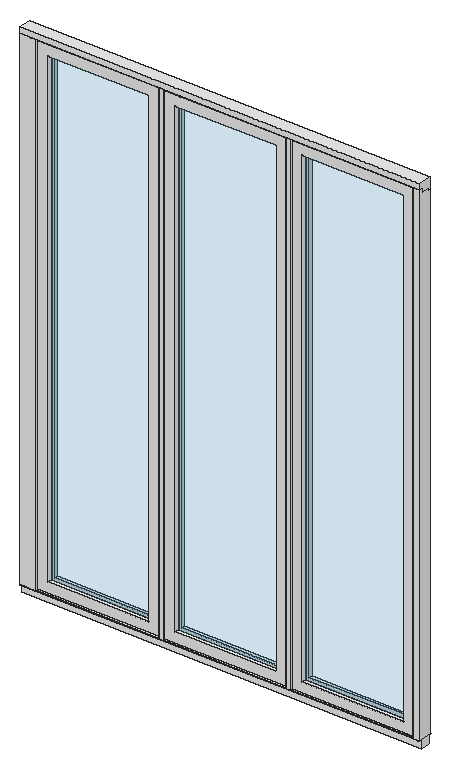
Revit family "98133", category Windows, host Wall, Revit 2018 (continued)
Definition of nested family "Left-Jamb_SL-73"
  Definition of nested family "LeftJamb_SL73"
    Lines and regions (in)
      model lines, in view "Ref. Level"
        curve 775: line (-0.98031, 1.17692, 0) -> (-0.98031, 0.67692, 0)
        curve 776: line (-0.98031, 0.67692, 0) -> (-0.84646, 0.67692, 0)
        curve 777: line (-0.84646, 0.67692, 0) -> (-0.84646, 0.74778, 0)
        curve 778: line (-0.09072, 0.96038, 0) -> (-0.40551, 0.96038, 0)
        curve 779: line (-0.46457, 0.90133, 0) -> (-0.46457, 0.82259, 0)
        curve 780: line (-0.41732, 0.81471, 0) -> (-0.37795, 0.81471, 0)
        curve 781: line (-0.37795, 0.81471, 0) -> (-0.37795, 0.77534, 0)
        curve 782: line (-0.37795, 0.77534, 0) -> (-0.41732, 0.77534, 0)
        curve 783: line (-0.41732, 0.77534, 0) -> (-0.37795, 0.77534, 0)
        curve 784: line (-0.37795, 0.77534, 0) -> (-0.37795, 0.81471, 0)
        curve 785: line (-0.37795, 0.81471, 0) -> (-0.41732, 0.81471, 0)
        curve 786: line (-0.41732, 0.81471, 0) -> (-0.41732, 0.89345, 0)
        curve 787: line (-0.41732, 0.89345, 0) -> (-0.05906, 0.89345, 0)
        curve 788: line (-0.05906, 0.89345, 0) -> (-0.05906, 0.81471, 0)
        curve 789: line (-0.05906, 0.81471, 0) -> (-0.09843, 0.81471, 0)
        curve 790: line (-0.09843, 0.81471, 0) -> (-0.09843, 0.77534, 0)
        curve 791: line (-0.09843, 0.77534, 0) -> (0, 0.77534, 0)
        curve 792: line (0, 0.77534, 0) -> (0, 0.97219, 0)
        curve 793: line (-0.27559, 1.24778, 0) -> (-1.7126, 1.24778, 0)
        curve 794: line (-1.66346, 1.0512, 0) -> (-1.7126, 1.06437, 0)
        curve 795: line (-1.65354, 0.74778, 0) -> (-1.65354, 0.67692, 0)
        curve 796: line (-1.65354, 0.67692, 0) -> (-1.51969, 0.67692, 0)
        curve 797: line (-1.51969, 0.67692, 0) -> (-1.51969, 1.17692, 0)
        curve 798: line (-1.51969, 1.17692, 0) -> (-1.65354, 1.17692, 0)
        curve 799: line (-1.65354, 1.17692, 0) -> (-1.65354, 1.05881, 0)
        curve 800: line (-1.7126, 0.59517, 0) -> (-1.7126, 0.74222, 0)
        curve 801: line (-1.7126, 0.74222, 0) -> (-1.66346, 0.75539, 0)
        curve 802: line (-1.71158, 0.57859, 0) -> (-1.72014, 0.48075, 0)
        curve 803: line (-1.72014, 0.48075, 0) -> (-1.71013, 0.46677, 0)
        curve 804: line (-1.67517, 0.42101, 0) -> (-1.6673, 0.42101, 0)
        curve 805: line (-1.6673, 0.42101, 0) -> (-1.6673, 0.47771, 0)
        curve 806: line (-1.65855, 0.48911, 0) -> (-1.60345, 0.50388, 0)
        curve 807: line (-1.60943, 0.5183, 0) -> (-1.62206, 0.54018, 0)
        curve 808: line (-1.48115, 0.59818, 0) -> (-1.46063, 0.59818, 0)
        curve 809: line (-1.46063, 0.59818, 0) -> (-1.46063, 0.56865, 0)
        curve 810: line (-1.46199, 0.56629, 0) -> (-1.49132, 0.5155, 0)
        curve 811: line (-1.49132, 0.49975, 0) -> (-1.44882, 0.49975, 0)
        curve 812: line (-1.38189, 0.56668, 0) -> (-1.38189, 0.59818, 0)
        curve 813: line (-1.38189, 0.59818, 0) -> (-1.11811, 0.59818, 0)
        curve 814: line (-1.11811, 0.59818, 0) -> (-1.11811, 0.56668, 0)
        curve 815: line (-1.45276, 0.67692, 0) -> (-1.04724, 0.67692, 0)
        curve 816: line (-1.04724, 0.67692, 0) -> (-1.04724, 1.17692, 0)
        curve 817: line (-1.04724, 1.17692, 0) -> (-1.45276, 1.17692, 0)
        curve 818: line (-1.45276, 1.17692, 0) -> (-1.45276, 0.67692, 0)
        curve 819: line (-0.83654, -0.50392, 0) -> (-0.7874, -0.49075, 0)
        curve 820: line (-0.7874, -0.49075, 0) -> (-0.7874, -0.3437, 0)
        curve 821: line (-1.7126, -0.3437, 0) -> (-1.7126, -0.38607, 0)
        curve 822: line (-1.60943, -0.26683, 0) -> (-1.62206, -0.2887, 0)
        curve 823: line (-1.65855, -0.23764, 0) -> (-1.60345, -0.2524, 0)
        curve 824: line (-1.67517, -0.16954, 0) -> (-1.6673, -0.16954, 0)
        curve 825: line (-1.6673, -0.16954, 0) -> (-1.6673, -0.22623, 0)
        curve 826: line (-1.71158, -0.32712, 0) -> (-1.71786, -0.22303, 0)
        curve 827: line (-1.71786, -0.22303, 0) -> (-1.71013, -0.21529, 0)
        curve 828: line (-1.67323, -0.42544, 0) -> (-1.51969, -0.42544, 0)
        curve 829: line (-1.51969, -0.42544, 0) -> (-1.51969, -0.68135, 0)
        curve 830: line (-1.51969, -0.68135, 0) -> (-1.7874, -0.68135, 0)
        curve 831: line (-2.00394, -0.70103, 0) -> (-2.00394, -0.72072, 0)
        curve 832: line (-2.00394, -0.72072, 0) -> (-2.04331, -0.72072, 0)
        curve 833: line (-2.04331, -0.72072, 0) -> (-2.04331, -0.8782, 0)
        curve 834: line (-2.04331, -0.8782, 0) -> (-1.76772, -0.8782, 0)
        curve 835: line (-1.76772, -0.8782, 0) -> (-1.76772, -0.72072, 0)
        curve 836: line (-1.76772, -0.72072, 0) -> (-1.80709, -0.72072, 0)
        curve 837: line (-1.80709, -0.72072, 0) -> (-1.80709, -0.70103, 0)
        curve 838: line (-2.02362, -0.68135, 0) -> (-2.07087, -0.68135, 0)
        curve 839: line (-2.11024, -0.72072, 0) -> (-2.11024, -0.8782, 0)
        curve 840: line (-2.11024, -0.8782, 0) -> (-2.25619, -0.8782, 0)
        curve 841: line (-2.25401, -1.01573, 0) -> (-2.30315, -1.00256, 0)
        curve 842: line (-2.30315, -1.00256, 0) -> (-2.29541, -0.91414, 0)
        curve 843: line (-2.24409, -1.31915, 0) -> (-2.24409, -1.43726, 0)
        curve 844: line (-2.24409, -1.43726, 0) -> (-2.11024, -1.43726, 0)
        curve 845: line (-2.11024, -1.43726, 0) -> (-2.11024, -0.93726, 0)
        curve 846: line (-2.11024, -0.93726, 0) -> (-2.24409, -0.93726, 0)
        curve 847: line (-2.24409, -0.93726, 0) -> (-2.24409, -1.00812, 0)
        curve 848: line (-2.30315, -1.32471, 0) -> (-2.25401, -1.31154, 0)
        curve 849: line (-2.30315, -1.50812, 0) -> (-0.7874, -1.50812, 0)
        curve 850: line (-0.7874, -1.50812, 0) -> (-0.7874, -1.36646, 0)
        curve 851: line (-0.7874, -1.36646, 0) -> (-0.84646, -1.35064, 0)
        curve 852: line (-0.84646, -1.35064, 0) -> (-0.84646, -1.42938, 0)
        curve 853: line (-0.84646, -1.42938, 0) -> (-0.98425, -1.42938, 0)
        curve 854: line (-0.98425, -1.42938, 0) -> (-0.98425, -0.8782, 0)
        curve 855: line (-0.98425, -0.8782, 0) -> (-0.84646, -0.8782, 0)
        curve 856: line (-0.84646, -0.8782, 0) -> (-0.84646, -0.95694, 0)
        curve 857: line (-0.84646, -0.95694, 0) -> (-0.7874, -0.94112, 0)
        curve 858: line (-0.7874, -0.94112, 0) -> (-0.7874, -0.75384, 0)
        curve 859: line (-0.7874, -0.75384, 0) -> (-0.83654, -0.74067, 0)
        curve 860: line (-0.84646, -0.49631, 0) -> (-0.84646, -0.42544, 0)
        curve 861: line (-0.84646, -0.42544, 0) -> (-0.98031, -0.42544, 0)
        curve 862: line (-0.98031, -0.42544, 0) -> (-0.98031, -0.81915, 0)
        curve 863: line (-0.98031, -0.81915, 0) -> (-0.84646, -0.81915, 0)
        curve 864: line (-0.84646, -0.81915, 0) -> (-0.84646, -0.74828, 0)
        curve 865: line (-0.78842, -0.32712, 0) -> (-0.77986, -0.22928, 0)
        curve 866: line (-0.77986, -0.22928, 0) -> (-0.78987, -0.21529, 0)
        curve 867: line (-0.82483, -0.16954, 0) -> (-0.8327, -0.16954, 0)
        curve 868: line (-0.8327, -0.16954, 0) -> (-0.8327, -0.22623, 0)
        curve 869: line (-0.84145, -0.23764, 0) -> (-0.89655, -0.2524, 0)
        curve 870: line (-0.89057, -0.26683, 0) -> (-0.87794, -0.2887, 0)
        curve 871: line (-1.01885, -0.3467, 0) -> (-1.03937, -0.3467, 0)
        curve 872: line (-1.03937, -0.3467, 0) -> (-1.03937, -0.31718, 0)
        curve 873: line (-1.03801, -0.31481, 0) -> (-1.00868, -0.26403, 0)
        curve 874: line (-1.00868, -0.24828, 0) -> (-1.05118, -0.24828, 0)
        curve 875: line (-1.11811, -0.31521, 0) -> (-1.11811, -0.3467, 0)
        curve 876: line (-1.11811, -0.3467, 0) -> (-1.38189, -0.3467, 0)
        curve 877: line (-1.38189, -0.3467, 0) -> (-1.38189, -0.31521, 0)
        curve 878: line (-1.49132, -0.24828, 0) -> (-1.44882, -0.24828, 0)
        curve 879: line (-1.64961, -0.3467, 0) -> (-1.61501, -0.3467, 0)
        curve 880: line (-1.61501, -0.3467, 0) -> (-1.48115, -0.3467, 0)
        curve 881: line (-1.48115, -0.3467, 0) -> (-1.46063, -0.3467, 0)
        curve 882: line (-1.46063, -0.3467, 0) -> (-1.46063, -0.31718, 0)
        curve 883: line (-1.46199, -0.31481, 0) -> (-1.49132, -0.26403, 0)
        curve 884: line (-1.76772, -0.94513, 0) -> (-2.04331, -0.94513, 0)
        curve 885: line (-2.04331, -0.94513, 0) -> (-2.04331, -1.43726, 0)
        curve 886: line (-2.04331, -1.43726, 0) -> (-1.51969, -1.43726, 0)
        curve 887: line (-1.51969, -1.43726, 0) -> (-1.51969, -1.39789, 0)
        curve 888: line (-1.51969, -0.74828, 0) -> (-1.70079, -0.74828, 0)
        curve 889: line (-1.70079, -0.74828, 0) -> (-1.70079, -0.8782, 0)
        curve 890: line (-1.48031, -1.35852, 0) -> (-1.45276, -1.35852, 0)
        curve 891: line (-1.45276, -1.35852, 0) -> (-1.45276, -1.43726, 0)
        curve 892: line (-1.45276, -1.43726, 0) -> (-1.04724, -1.43726, 0)
        curve 893: line (-1.04724, -1.43726, 0) -> (-1.04724, -0.42544, 0)
        curve 894: line (-1.04724, -0.42544, 0) -> (-1.45276, -0.42544, 0)
        curve 895: line (-1.45276, -0.42544, 0) -> (-1.45276, -0.68135, 0)
        curve 896: line (0, 0.77534, 0) -> (-0.09843, 0.77534, 0)
        curve 897: line (-0.09843, 0.77534, 0) -> (-0.09843, 0.81471, 0)
        curve 898: line (-0.09843, 0.81471, 0) -> (-0.05906, 0.81471, 0)
        curve 899: line (-0.68898, 0.5786, 0) -> (-0.68898, -0.08281, 0)
        curve 900: line (-0.68898, 0.67112, 0) -> (-0.7874, -0.67112, 0)
        curve 901: line (-0.7874, -0.67112, 0) -> (-0.7874, 0.67112, 0)
        curve 902: line (-0.7874, 0.67112, 0) -> (-0.68898, 0.67112, 0)
        curve 903: line (-0.68898, 0.67112, 0) -> (-0.68898, -0.67112, 0)
        curve 904: line (-0.68898, -0.67112, 0) -> (-0.7874, 0.67112, 0)
        curve 905: line (-0.7874, -0.67112, 0) -> (-0.68898, -0.67112, 0)
        curve 906: line (-0.58525, 0.543, 0) -> (-0.53153, 0.59671, 0)
        curve 907: line (-0.51032, 0.59671, 0) -> (-0.45661, 0.543, 0)
        curve 908: line (-0.43539, 0.543, 0) -> (-0.38168, 0.59671, 0)
        curve 909: line (-0.36047, 0.59671, 0) -> (-0.30676, 0.543, 0)
        curve 910: line (-0.28554, 0.543, 0) -> (-0.23183, 0.59671, 0)
        curve 911: line (-0.21062, 0.59671, 0) -> (-0.1569, 0.543, 0)
        curve 912: line (-0.13569, 0.543, 0) -> (-0.08198, 0.59671, 0)
        curve 913: line (-0.06076, 0.59671, 0) -> (-0.00705, 0.543, 0)
        curve 914: line (0.01416, 0.543, 0) -> (0.06788, 0.59671, 0)
        curve 915: line (0.08909, 0.59671, 0) -> (0.1578, 0.528, 0)
        curve 916: line (0.18281, 0.54281, 0) -> (0.09369, 0.85361, 0)
        curve 917: line (0.06485, 0.87534, 0) -> (0.005, 0.87534, 0)
        curve 918: line (0.005, 0.87534, 0) -> (0.005, 0.77534, 0)
        curve 919: line (0.005, 0.77534, 0) -> (-0.10843, 0.77534, 0)
        curve 920: line (-0.10843, 0.77534, 0) -> (-0.10843, 0.82471, 0)
        curve 921: line (-0.10843, 0.82471, 0) -> (-0.08343, 0.82471, 0)
        curve 922: line (-0.07524, 0.84044, 0) -> (-0.10885, 0.88845, 0)
        curve 923: line (-0.10885, 0.88845, 0) -> (-0.15346, 0.88845, 0)
        curve 924: line (-0.15346, 0.88845, 0) -> (-0.18183, 0.78257, 0)
        curve 925: line (-0.21081, 0.76034, 0) -> (-0.26557, 0.76034, 0)
        curve 926: line (-0.29455, 0.78257, 0) -> (-0.32292, 0.88845, 0)
        curve 927: line (-0.32292, 0.88845, 0) -> (-0.36753, 0.88845, 0)
        curve 928: line (-0.36753, 0.88845, 0) -> (-0.40115, 0.84044, 0)
        curve 929: line (-0.39295, 0.82471, 0) -> (-0.36795, 0.82471, 0)
        curve 930: line (-0.36795, 0.82471, 0) -> (-0.36795, 0.77534, 0)
        curve 931: line (-0.36795, 0.77534, 0) -> (-0.48457, 0.77534, 0)
        curve 932: line (-0.48457, 0.77534, 0) -> (-0.48457, 0.86534, 0)
        curve 933: line (-0.48457, 0.86534, 0) -> (-0.66457, 0.86534, 0)
        curve 934: line (-0.66457, 0.86534, 0) -> (-0.66457, 0.6011, 0)
        curve 935: line (-0.66457, 0.6011, 0) -> (-0.60646, 0.543, 0)
        curve 936: line (-0.16535, -0.72935, 0) -> (-0.14424, -0.60962, 0)
        curve 937: line (-0.08995, -0.61919, 0) -> (-0.11107, -0.73892, 0)
        curve 938: line (0.10384, -0.62843, 0) -> (0.05425, -0.90968, 0)
        curve 939: line (0.05425, -0.90968, 0) -> (-0.0003, -0.94118, 0)
        curve 940: line (-0.0003, -0.94118, 0) -> (-0.0003, -0.86244, 0)
        curve 941: line (-0.0003, -0.86244, 0) -> (-0.09873, -0.86244, 0)
        curve 942: line (-0.09873, -0.86244, 0) -> (-0.09873, -0.89393, 0)
        curve 943: line (-0.09873, -0.89393, 0) -> (-0.56781, -0.64619, 0)
        curve 944: line (-0.53839, -0.59049, 0) -> (-0.2225, -0.75732, 0)
        curve 945: line (-0.07904, -0.86491, 0) -> (-0.03967, -0.86491, 0)
        curve 946: line (-0.03967, -0.86491, 0) -> (-0.07904, -0.86491, 0)
        curve 947: line (-0.30345, -0.86491, 0) -> (-0.27589, -0.86491, 0)
        curve 948: line (-0.27589, -0.86491, 0) -> (-0.30345, -0.86491, 0)
        curve 949: line (-0.29558, -0.98302, 0) -> (-0.05936, -0.98302, 0)
        curve 950: line (-0.05936, -0.98302, 0) -> (-0.05936, -0.90428, 0)
        curve 951: line (-0.05936, -0.90428, 0) -> (-0.09872, -0.90428, 0)
        curve 952: line (-0.09872, -0.90428, 0) -> (-0.09872, -0.88459, 0)
        curve 953: line (-0.09872, -0.88459, 0) -> (-0.09872, -0.90428, 0)
        curve 954: line (-0.09872, -0.90428, 0) -> (-0.05936, -0.90428, 0)
        curve 955: line (-0.05936, -0.90428, 0) -> (-0.05936, -0.98302, 0)
        curve 956: line (-0.05936, -0.98302, 0) -> (-0.29558, -0.98302, 0)
        curve 957: line (-0.29558, -0.98302, 0) -> (-0.29558, -0.90428, 0)
        curve 958: line (-0.29558, -0.90428, 0) -> (-0.25621, -0.90428, 0)
        curve 959: line (-0.25621, -0.90428, 0) -> (-0.25621, -0.88459, 0)
        curve 960: line (-0.25621, -0.88459, 0) -> (-0.25621, -0.90428, 0)
        curve 961: line (-0.25621, -0.90428, 0) -> (-0.29558, -0.90428, 0)
        curve 962: line (-0.29558, -0.90428, 0) -> (-0.29558, -0.98302, 0)
        curve 963: line (-0.81875, -1.2013, 0) -> (-0.7874, -1.2013, 0)
        curve 964: line (-0.7874, -1.2013, 0) -> (-0.81875, -1.2013, 0)
        curve 965: line (-0.7874, -1.27217, 0) -> (-0.79921, -1.27217, 0)
        curve 966: line (-0.79921, -1.27217, 0) -> (-0.7874, -1.27217, 0)
        curve 967: line (-0.83858, -1.31154, 0) -> (-0.85466, -1.31154, 0)
        curve 968: line (-0.85466, -1.31154, 0) -> (-0.83858, -1.31154, 0)
        curve 969: line (-0.06723, -1.42938, 0) -> (-0.67717, -1.42938, 0)
        curve 970: line (-0.67717, -1.42938, 0) -> (-0.06723, -1.42938, 0)
        curve 971: line (-0.06723, -1.42938, 0) -> (-0.06723, -1.02239, 0)
        curve 972: line (-0.06723, -1.02239, 0) -> (-0.30345, -1.02239, 0)
        curve 973: line (-0.30345, -1.02239, 0) -> (-0.06723, -1.02239, 0)
        curve 974: line (-0.06723, -1.02239, 0) -> (-0.06723, -1.42938, 0)
        curve 975: line (-0.93441, -0.88461, 0) -> (-0.89566, -0.87754, 0)
        curve 976: line (-0.89566, -0.87754, 0) -> (-0.93441, -0.88461, 0)
        curve 977: line (-0.88717, -0.92401, 0) -> (-0.91043, -0.92826, 0)
        curve 978: line (-0.91043, -0.92826, 0) -> (-0.83811, -1.18516, 0)
        curve 979: line (-0.83811, -1.18516, 0) -> (-0.91043, -0.92826, 0)
        curve 980: line (-0.91043, -0.92826, 0) -> (-0.88717, -0.92401, 0)
        curve 981: line (-0.0003, -0.90428, 0) -> (-0.0003, -1.50812, 0)
        curve 982: line (-0.0003, -1.50812, 0) -> (-0.7874, -1.50812, 0)
        curve 983: line (-0.7874, -1.50812, 0) -> (-0.7874, -1.47269, 0)
        curve 984: line (-0.7874, -1.47269, 0) -> (-0.7874, -1.50812, 0)
        curve 985: line (-0.7874, -1.50812, 0) -> (-0.0003, -1.50812, 0)
        curve 986: line (-0.0003, -1.50812, 0) -> (-0.0003, -0.90428, 0)
        curve 987: line (-0.76772, -1.453, 0) -> (-0.76772, -1.29186, 0)
        curve 988: line (-0.76772, -1.29186, 0) -> (-0.76772, -1.453, 0)
        curve 989: line (-0.69685, -1.29186, 0) -> (-0.69685, -1.4097, 0)
        curve 990: line (-0.69685, -1.4097, 0) -> (-0.69685, -1.29186, 0)
        curve 991: line (-0.34282, -0.98302, 0) -> (-0.34282, -0.90428, 0)
        curve 992: line (-0.34282, -0.90428, 0) -> (-0.34282, -0.98302, 0)
        curve 993: line (-0.87399, -1.29541, 0) -> (-0.95476, -0.99232, 0)
        curve 994: line (-0.95476, -0.99232, 0) -> (-0.87399, -1.29541, 0)
        curve 995: arc (-0.93441, -0.88461, 0) -> (-0.95974, -0.90098, 0) -> (-0.96606, -0.93047, 0) r 0.03937
        curve 996: arc (-0.96606, -0.93047, 0) -> (-0.96718, -0.93616, 0) -> (-0.9719, -0.93953, 0) r 0.00787
        curve 997: arc (-2.5189, -0.43332, 0) -> (-2.49929, -0.38599, 0) -> (-2.45197, -0.36639, 0) r 0.06693
        curve 998: arc (-2.52677, 0.55881, 0) -> (-2.50371, 0.61449, 0) -> (-2.44803, 0.63755, 0) r 0.07874
        curve 999: arc (-2.48031, 0.4407, 0) -> (-2.47455, 0.45462, 0) -> (-2.46063, 0.46038, 0) r 0.01969
        curve 1000: arc (-2.00787, 1.06437, 0) -> (-2.01378, 1.15608, 0) -> (-2.00787, 1.24778, 0) r 0.71502
        curve 1001: arc (-2.26772, 1.0479, 0) -> (-2.27624, 1.03169, 0) -> (-2.29443, 1.02952, 0) r 0.01969
        curve 1002: arc (-2.05702, 1.0512, 0) -> (-2.06385, 1.05256, 0) -> (-2.06693, 1.05881, 0) r 0.00787
        curve 1003: arc (-2.42126, 0.99367, 0) -> (-2.41404, 1.0164, 0) -> (-2.39501, 1.03079, 0) r 0.03937
        curve 1004: arc (-2.39501, 1.03079, 0) -> (-2.34461, 1.03911, 0) -> (-2.29443, 1.02952, 0) r 0.14567
        curve 1005: arc (-2.01561, 0.6538, 0) -> (-2.02823, 0.62821, 0) -> (-2.05483, 0.61786, 0) r 0.03937
        curve 1006: arc (-2.28015, 0.93215, 0) -> (-2.26969, 0.89345, 0) -> (-2.28015, 0.85476, 0) r 0.07677
        curve 1007: arc (-2.29443, 0.75739, 0) -> (-2.27624, 0.75522, 0) -> (-2.26772, 0.739, 0) r 0.01969
        curve 1008: arc (-2.06693, 0.74778, 0) -> (-2.06385, 0.75403, 0) -> (-2.05702, 0.75539, 0) r 0.00787
        curve 1009: arc (-2.30776, 0.82715, 0) -> (-2.34646, 0.81668, 0) -> (-2.38515, 0.82715, 0) r 0.07677
        curve 1010: arc (-2.41058, 0.85622, 0) -> (-2.38593, 0.85213, 0) -> (-2.38515, 0.82715, 0) r 0.01969
        curve 1011: arc (-2.38515, 0.95976, 0) -> (-2.34646, 0.97023, 0) -> (-2.30776, 0.95976, 0) r 0.07677
        curve 1012: arc (-2.38515, 0.95976, 0) -> (-2.38593, 0.93478, 0) -> (-2.41058, 0.93069, 0) r 0.01969
        curve 1013: arc (-2.39501, 0.75612, 0) -> (-2.41404, 0.7705, 0) -> (-2.42126, 0.79323, 0) r 0.03937
        curve 1014: arc (-2.30776, 0.82715, 0) -> (-2.30609, 0.85309, 0) -> (-2.28015, 0.85476, 0) r 0.01969
        curve 1015: arc (-2.28015, 0.93215, 0) -> (-2.30609, 0.93382, 0) -> (-2.30776, 0.95976, 0) r 0.01969
        curve 1016: arc (-2.29443, 0.75739, 0) -> (-2.34461, 0.7478, 0) -> (-2.39501, 0.75612, 0) r 0.14567
        curve 1017: arc (-2.27283, 0.55881, 0) -> (-2.26727, 0.5565, 0) -> (-2.26496, 0.55093, 0) r 0.00787
        curve 1018: arc (-2.19192, 0.50251, 0) -> (-2.20704, 0.53178, 0) -> (-2.18819, 0.55881, 0) r 0.03189
        curve 1019: arc (-2.25118, 0.55881, 0) -> (-2.25482, 0.54362, 0) -> (-2.26496, 0.53175, 0) r 0.03346
        curve 1020: arc (-2.43228, 0.55093, 0) -> (-2.42998, 0.5565, 0) -> (-2.42441, 0.55881, 0) r 0.00787
        curve 1021: arc (-2.40947, 0.47613, 0) -> (-2.4016, 0.46826, 0) -> (-2.40947, 0.46038, 0) r 0.00787
        curve 1022: arc (-2.27874, 0.32786, 0) -> (-2.26433, 0.31345, 0) -> (-2.25906, 0.29377, 0) r 0.03937
        curve 1023: arc (-2.19803, 0.36764, 0) -> (-2.19083, 0.36043, 0) -> (-2.18819, 0.35059, 0) r 0.01969
        curve 1024: arc (-2.18676, 0.44352, 0) -> (-2.18955, 0.4368, 0) -> (-2.19664, 0.43522, 0) r 0.00787
        curve 1025: arc (-2.36831, 0.37957, 0) -> (-2.38272, 0.39398, 0) -> (-2.38799, 0.41367, 0) r 0.03937
        curve 1026: arc (-2.29941, 0.42617, 0) -> (-2.30661, 0.43338, 0) -> (-2.30925, 0.44322, 0) r 0.01969
        curve 1027: arc (-2.48031, 0.41708, 0) -> (-2.48377, 0.40872, 0) -> (-2.49213, 0.40526, 0) r 0.01181
        curve 1028: arc (-2.00787, -0.52387, 0) -> (-2.01364, -0.53779, 0) -> (-2.02756, -0.54355, 0) r 0.01969
        curve 1029: arc (-2.02756, -0.4845, 0) -> (-2.01364, -0.49026, 0) -> (-2.00787, -0.50418, 0) r 0.01969
        curve 1030: arc (-2.40947, -0.36639, 0) -> (-2.4016, -0.37426, 0) -> (-2.40947, -0.38214, 0) r 0.00787
        curve 1031: arc (-2.30239, -0.37085, 0) -> (-2.29919, -0.36742, 0) -> (-2.29461, -0.36642, 0) r 0.00787
        curve 1032: arc (-2.25906, -0.19977, 0) -> (-2.26433, -0.21946, 0) -> (-2.27874, -0.23387, 0) r 0.03937
        curve 1033: arc (-2.18819, -0.2566, 0) -> (-2.19083, -0.26644, 0) -> (-2.19803, -0.27365, 0) r 0.01969
        curve 1034: arc (-2.38799, -0.31968, 0) -> (-2.38272, -0.29999, 0) -> (-2.36831, -0.28558, 0) r 0.03937
        curve 1035: arc (-2.30925, -0.34922, 0) -> (-2.30661, -0.33938, 0) -> (-2.29941, -0.33218, 0) r 0.01969
        curve 1036: arc (-2.26496, -0.45694, 0) -> (-2.26727, -0.46251, 0) -> (-2.27283, -0.46481, 0) r 0.00787
        curve 1037: arc (-2.26397, -0.42009, 0) -> (-2.27049, -0.41508, 0) -> (-2.2755, -0.40856, 0) r 0.0315
        curve 1038: arc (-2.26397, -0.42009, 0) -> (-2.24853, -0.43987, 0) -> (-2.25118, -0.46481, 0) r 0.03346
        curve 1039: arc (-2.18819, -0.46481, 0) -> (-2.1997, -0.45566, 0) -> (-2.19336, -0.44238, 0) r 0.01181
        curve 1040: arc (-2.19538, -0.3751, 0) -> (-2.19003, -0.37788, 0) -> (-2.18822, -0.38363, 0) r 0.00787
        curve 1041: arc (-2.42441, -0.46481, 0) -> (-2.42998, -0.46251, 0) -> (-2.43228, -0.45694, 0) r 0.00787
        curve 1042: arc (-3.72047, 0.46038, 0) -> (-3.70655, 0.45462, 0) -> (-3.70079, 0.4407, 0) r 0.01969
        curve 1043: arc (-3.40252, 0.40526, 0) -> (-3.09055, 0.55881, 0) -> (-2.77858, 0.40526, 0) r 0.3937
        curve 1044: arc (-3.43913, 0.484, 0) -> (-3.09055, 0.63755, 0) -> (-2.74198, 0.484, 0) r 0.47244
        curve 1045: arc (-3.88667, 1.02952, 0) -> (-3.83649, 1.03911, 0) -> (-3.78609, 1.03079, 0) r 0.14567
        curve 1046: arc (-3.88667, 1.02952, 0) -> (-3.90486, 1.03169, 0) -> (-3.91339, 1.0479, 0) r 0.01969
        curve 1047: arc (-3.78609, 1.03079, 0) -> (-3.76707, 1.0164, 0) -> (-3.75984, 0.99367, 0) r 0.03937
        curve 1048: arc (-4.17323, 1.24778, 0) -> (-4.16732, 1.15608, 0) -> (-4.17323, 1.06437, 0) r 0.71502
        curve 1049: arc (-4.11417, 1.05881, 0) -> (-4.11725, 1.05256, 0) -> (-4.12409, 1.0512, 0) r 0.00787
        curve 1050: arc (-3.99291, 0.55881, 0) -> (-3.97406, 0.53179, 0) -> (-3.98917, 0.50251, 0) r 0.03189
        curve 1051: arc (-3.79595, 0.82715, 0) -> (-3.83465, 0.81668, 0) -> (-3.87334, 0.82715, 0) r 0.07677
        curve 1052: arc (-3.77052, 0.93069, 0) -> (-3.79518, 0.93478, 0) -> (-3.79595, 0.95976, 0) r 0.01969
        curve 1053: arc (-3.87334, 0.95976, 0) -> (-3.83465, 0.97023, 0) -> (-3.79595, 0.95976, 0) r 0.07677
        curve 1054: arc (-3.87334, 0.95976, 0) -> (-3.87501, 0.93382, 0) -> (-3.90095, 0.93215, 0) r 0.01969
        curve 1055: arc (-3.90095, 0.85476, 0) -> (-3.91142, 0.89345, 0) -> (-3.90095, 0.93215, 0) r 0.07677
        curve 1056: arc (-3.90095, 0.85476, 0) -> (-3.87501, 0.85309, 0) -> (-3.87334, 0.82715, 0) r 0.01969
        curve 1057: arc (-3.79595, 0.82715, 0) -> (-3.79518, 0.85213, 0) -> (-3.77052, 0.85622, 0) r 0.01969
        curve 1058: arc (-3.78609, 0.75612, 0) -> (-3.83649, 0.7478, 0) -> (-3.88667, 0.75739, 0) r 0.14567
        curve 1059: arc (-3.91339, 0.739, 0) -> (-3.90486, 0.75522, 0) -> (-3.88667, 0.75739, 0) r 0.01969
        curve 1060: arc (-3.75984, 0.79323, 0) -> (-3.76707, 0.7705, 0) -> (-3.78609, 0.75612, 0) r 0.03937
        curve 1061: arc (-3.75669, 0.55881, 0) -> (-3.75113, 0.5565, 0) -> (-3.74882, 0.55093, 0) r 0.00787
        curve 1062: arc (-3.73307, 0.63755, 0) -> (-3.67739, 0.61449, 0) -> (-3.65433, 0.55881, 0) r 0.07874
        curve 1063: arc (-3.91614, 0.55093, 0) -> (-3.91384, 0.5565, 0) -> (-3.90827, 0.55881, 0) r 0.00787
        curve 1064: arc (-3.77163, 0.46038, 0) -> (-3.7795, 0.46826, 0) -> (-3.77163, 0.47613, 0) r 0.00787
        curve 1065: arc (-3.91614, 0.53175, 0) -> (-3.92628, 0.54362, 0) -> (-3.92992, 0.55881, 0) r 0.03346
        curve 1066: arc (-4.12409, 0.75539, 0) -> (-4.11725, 0.75403, 0) -> (-4.11417, 0.74778, 0) r 0.00787
        curve 1067: arc (-4.12627, 0.61786, 0) -> (-4.15287, 0.62821, 0) -> (-4.16549, 0.6538, 0) r 0.03937
        curve 1068: arc (-3.68898, 0.40526, 0) -> (-3.69733, 0.40872, 0) -> (-3.70079, 0.41708, 0) r 0.01181
        curve 1069: arc (-3.79311, 0.41367, 0) -> (-3.79838, 0.39398, 0) -> (-3.8128, 0.37957, 0) r 0.03937
        curve 1070: arc (-3.87185, 0.44322, 0) -> (-3.87449, 0.43338, 0) -> (-3.88169, 0.42617, 0) r 0.01969
        curve 1071: arc (-3.92205, 0.29377, 0) -> (-3.91677, 0.31345, 0) -> (-3.90236, 0.32786, 0) r 0.03937
        curve 1072: arc (-3.99291, 0.35059, 0) -> (-3.99028, 0.36043, 0) -> (-3.98307, 0.36764, 0) r 0.01969
        curve 1073: arc (-3.98445, 0.43523, 0) -> (-3.99155, 0.4368, 0) -> (-3.99433, 0.44352, 0) r 0.00787
        curve 1074: arc (-3.72913, -0.36639, 0) -> (-3.68181, -0.38599, 0) -> (-3.6622, -0.43332, 0) r 0.06693
        curve 1075: arc (-3.77163, -0.38214, 0) -> (-3.7795, -0.37426, 0) -> (-3.77163, -0.36639, 0) r 0.00787
        curve 1076: arc (-3.88649, -0.36642, 0) -> (-3.88191, -0.36742, 0) -> (-3.87871, -0.37085, 0) r 0.00787
        curve 1077: arc (-3.8128, -0.28558, 0) -> (-3.79838, -0.29999, 0) -> (-3.79311, -0.31968, 0) r 0.03937
        curve 1078: arc (-3.90236, -0.23387, 0) -> (-3.91677, -0.21946, 0) -> (-3.92205, -0.19977, 0) r 0.03937
        curve 1079: arc (-3.88169, -0.33218, 0) -> (-3.87449, -0.33938, 0) -> (-3.87185, -0.34922, 0) r 0.01969
        curve 1080: arc (-3.74882, -0.45694, 0) -> (-3.75113, -0.46251, 0) -> (-3.75669, -0.46481, 0) r 0.00787
        curve 1081: arc (-3.92992, -0.46481, 0) -> (-3.93257, -0.43987, 0) -> (-3.91713, -0.42009, 0) r 0.03346
        curve 1082: arc (-3.90827, -0.46481, 0) -> (-3.91384, -0.46251, 0) -> (-3.91614, -0.45694, 0) r 0.00787
        curve 1083: arc (-3.90561, -0.40856, 0) -> (-3.91061, -0.41508, 0) -> (-3.91713, -0.42009, 0) r 0.0315
        curve 1084: arc (-3.98307, -0.27365, 0) -> (-3.99028, -0.26644, 0) -> (-3.99291, -0.2566, 0) r 0.01969
        curve 1085: arc (-3.99288, -0.38363, 0) -> (-3.99107, -0.37788, 0) -> (-3.98573, -0.3751, 0) r 0.00787
        curve 1086: arc (-3.98774, -0.44238, 0) -> (-3.9814, -0.45566, 0) -> (-3.99291, -0.46481, 0) r 0.01181
        curve 1087: arc (-4.48425, -0.68135, 0) -> (-4.47033, -0.68712, 0) -> (-4.46457, -0.70103, 0) r 0.01969
        curve 1088: arc (-2.85827, -0.92938, 0) -> (-2.84097, -0.88762, 0) -> (-2.79921, -0.87033, 0) r 0.05906
        curve 1089: arc (-2.84724, -0.67741, 0) -> (-2.86223, -0.7136, 0) -> (-2.89843, -0.72859, 0) r 0.05118
        curve 1090: arc (-2.64757, -1.01573, 0) -> (-2.6544, -1.01437, 0) -> (-2.65748, -1.00812, 0) r 0.00787
        curve 1091: arc (-2.59843, -1.50812, 0) -> (-2.60433, -1.41641, 0) -> (-2.59843, -1.32471, 0) r 0.71502
        curve 1092: arc (-2.65748, -1.31915, 0) -> (-2.6544, -1.3129, 0) -> (-2.64757, -1.31154, 0) r 0.00787
        curve 1093: arc (-3.92598, -0.68135, 0) -> (-3.94559, -0.72868, 0) -> (-3.99291, -0.74828, 0) r 0.06693
        curve 1094: arc (-3.74882, -0.72859, 0) -> (-3.78501, -0.7136, 0) -> (-3.8, -0.67741, 0) r 0.05118
        curve 1095: arc (-4.16142, -0.8782, 0) -> (-4.18102, -0.92553, 0) -> (-4.22835, -0.94513, 0) r 0.06693
        curve 1096: arc (-4.26772, -0.70103, 0) -> (-4.26195, -0.68712, 0) -> (-4.24803, -0.68135, 0) r 0.01969
        curve 1097: arc (-4.75604, -0.91414, 0) -> (-4.74342, -0.88854, 0) -> (-4.71682, -0.8782, 0) r 0.03937
        curve 1098: arc (-4.57087, -0.72072, 0) -> (-4.55933, -0.69288, 0) -> (-4.5315, -0.68135, 0) r 0.03937
        curve 1099: arc (-4.70472, -1.00812, 0) -> (-4.70781, -1.01437, 0) -> (-4.71464, -1.01573, 0) r 0.00787
        curve 1100: arc (-4.76378, -1.32471, 0) -> (-4.75787, -1.41641, 0) -> (-4.76378, -1.50812, 0) r 0.71502
        curve 1101: arc (-4.71464, -1.31154, 0) -> (-4.70781, -1.3129, 0) -> (-4.70472, -1.31915, 0) r 0.00787
        curve 1102: line (-3.99291, -0.46481, 0) -> (-3.99291, -0.68135, 0)
        curve 1103: line (-3.99291, -0.68135, 0) -> (-4.24803, -0.68135, 0)
        curve 1104: line (-3.8, -0.67741, 0) -> (-3.8, -0.54355, 0)
        curve 1105: line (-3.8, -0.54355, 0) -> (-3.92598, -0.54355, 0)
        curve 1106: line (-3.92598, -0.54355, 0) -> (-3.92598, -0.68135, 0)
        curve 1107: line (-2.64757, -1.01573, 0) -> (-2.59843, -1.00256, 0)
        curve 1108: line (-2.59843, -1.00256, 0) -> (-2.59843, -0.54355, 0)
        curve 1109: line (-2.59843, -0.54355, 0) -> (-2.02756, -0.54355, 0)
        curve 1110: line (-2.79921, -0.87033, 0) -> (-2.66535, -0.87033, 0)
        curve 1111: line (-2.66535, -0.87033, 0) -> (-2.66535, -0.54355, 0)
        curve 1112: line (-2.66535, -0.54355, 0) -> (-2.84724, -0.54355, 0)
        curve 1113: line (-2.84724, -0.54355, 0) -> (-2.84724, -0.67741, 0)
        curve 1114: line (-2.77858, 0.40526, 0) -> (-2.49213, 0.40526, 0)
        curve 1115: line (-2.00787, 1.24778, 0) -> (-4.17323, 1.24778, 0)
        curve 1116: line (-3.91339, 1.0479, 0) -> (-3.91339, 1.17692, 0)
        curve 1117: line (-3.91339, 1.17692, 0) -> (-2.26772, 1.17692, 0)
        curve 1118: line (-2.26772, 1.17692, 0) -> (-2.26772, 1.0479, 0)
        curve 1119: line (-2.18676, 0.44352, 0) -> (-2.19192, 0.50251, 0)
        curve 1120: line (-2.30303, 0.46373, 0) -> (-2.19664, 0.43522, 0)
        curve 1121: line (-2.41058, 0.93069, 0) -> (-2.42126, 0.93685, 0)
        curve 1122: line (-2.42126, 0.93685, 0) -> (-2.42126, 0.99367, 0)
        curve 1123: line (-2.00787, 1.06437, 0) -> (-2.05702, 1.0512, 0)
        curve 1124: line (-2.06693, 1.05881, 0) -> (-2.06693, 1.17692, 0)
        curve 1125: line (-2.06693, 1.17692, 0) -> (-2.20079, 1.17692, 0)
        curve 1126: line (-2.20079, 1.17692, 0) -> (-2.20079, 0.67692, 0)
        curve 1127: line (-2.20079, 0.67692, 0) -> (-2.06693, 0.67692, 0)
        curve 1128: line (-2.06693, 0.67692, 0) -> (-2.06693, 0.74778, 0)
        curve 1129: line (-2.05702, 0.75539, 0) -> (-2.00787, 0.74222, 0)
        curve 1130: line (-2.00787, 0.74222, 0) -> (-2.01561, 0.6538, 0)
        curve 1131: line (-2.44803, 0.63755, 0) -> (-2.26772, 0.63755, 0)
        curve 1132: line (-2.26772, 0.63755, 0) -> (-2.26772, 0.739, 0)
        curve 1133: line (-2.42126, 0.79323, 0) -> (-2.42126, 0.85005, 0)
        curve 1134: line (-2.42126, 0.85005, 0) -> (-2.41058, 0.85622, 0)
        curve 1135: line (-2.18819, 0.55881, 0) -> (-2.18819, 0.61786, 0)
        curve 1136: line (-2.18819, 0.61786, 0) -> (-2.05483, 0.61786, 0)
        curve 1137: line (-2.26496, 0.55093, 0) -> (-2.26496, 0.52967, 0)
        curve 1138: line (-2.26496, 0.52967, 0) -> (-2.30925, 0.45296, 0)
        curve 1139: line (-2.30925, 0.45296, 0) -> (-2.30925, 0.44322, 0)
        curve 1140: line (-2.38799, 0.41367, 0) -> (-2.38799, 0.45296, 0)
        curve 1141: line (-2.38799, 0.45296, 0) -> (-2.43228, 0.52967, 0)
        curve 1142: line (-2.43228, 0.52967, 0) -> (-2.43228, 0.55093, 0)
        curve 1143: line (-2.40947, 0.47613, 0) -> (-2.44016, 0.52928, 0)
        curve 1144: line (-2.44016, 0.52928, 0) -> (-2.44016, 0.55881, 0)
        curve 1145: line (-2.44016, 0.55881, 0) -> (-2.25118, 0.55881, 0)
        curve 1146: line (-2.46063, 0.46038, 0) -> (-2.40947, 0.46038, 0)
        curve 1147: line (-2.42441, 0.55881, 0) -> (-2.27283, 0.55881, 0)
        curve 1148: line (-2.25906, -0.19977, 0) -> (-2.25906, 0.29377, 0)
        curve 1149: line (-2.18819, 0.35059, 0) -> (-2.18819, -0.2566, 0)
        curve 1150: line (-2.48031, 0.41708, 0) -> (-2.48031, 0.4407, 0)
        curve 1151: line (-2.29941, 0.42617, 0) -> (-2.19803, 0.36764, 0)
        curve 1152: line (-2.27874, 0.32786, 0) -> (-2.36831, 0.37957, 0)
        curve 1153: line (-2.00787, -0.52387, 0) -> (-2.00787, -0.50418, 0)
        curve 1154: line (-2.19538, -0.3751, 0) -> (-2.29461, -0.36642, 0)
        curve 1155: line (-2.43228, -0.45694, 0) -> (-2.43228, -0.43568, 0)
        curve 1156: line (-2.43228, -0.43568, 0) -> (-2.38799, -0.35897, 0)
        curve 1157: line (-2.38799, -0.35897, 0) -> (-2.38799, -0.31968, 0)
        curve 1158: line (-2.30925, -0.34922, 0) -> (-2.30925, -0.35897, 0)
        curve 1159: line (-2.30925, -0.35897, 0) -> (-2.26496, -0.43568, 0)
        curve 1160: line (-2.26496, -0.43568, 0) -> (-2.26496, -0.45694, 0)
        curve 1161: line (-2.40947, -0.36639, 0) -> (-2.45197, -0.36639, 0)
        curve 1162: line (-2.19803, -0.27365, 0) -> (-2.29941, -0.33218, 0)
        curve 1163: line (-2.36831, -0.28558, 0) -> (-2.27874, -0.23387, 0)
        curve 1164: line (-2.29136, -0.38108, 0) -> (-2.2755, -0.40856, 0)
        curve 1165: line (-2.02756, -0.4845, 0) -> (-2.18819, -0.4845, 0)
        curve 1166: line (-2.18819, -0.4845, 0) -> (-2.18819, -0.46481, 0)
        curve 1167: line (-2.19336, -0.44238, 0) -> (-2.18822, -0.38363, 0)
        curve 1168: line (-2.25118, -0.46481, 0) -> (-2.44016, -0.46481, 0)
        curve 1169: line (-2.44016, -0.46481, 0) -> (-2.44016, -0.43529, 0)
        curve 1170: line (-2.44016, -0.43529, 0) -> (-2.40947, -0.38214, 0)
        curve 1171: line (-2.27283, -0.46481, 0) -> (-2.42441, -0.46481, 0)
        curve 1172: line (-3.99433, 0.44352, 0) -> (-3.98917, 0.50251, 0)
        curve 1173: line (-3.87807, 0.46373, 0) -> (-3.98445, 0.43523, 0)
        curve 1174: line (-2.74198, 0.484, 0) -> (-2.55669, 0.484, 0)
        curve 1175: line (-2.55669, 0.484, 0) -> (-2.52677, 0.51393, 0)
        curve 1176: line (-2.52677, 0.51393, 0) -> (-2.52677, 0.55881, 0)
        curve 1177: line (-3.77052, 0.93069, 0) -> (-3.75984, 0.93685, 0)
        curve 1178: line (-3.75984, 0.93685, 0) -> (-3.75984, 0.99367, 0)
        curve 1179: line (-4.11417, 1.05881, 0) -> (-4.11417, 1.17692, 0)
        curve 1180: line (-4.11417, 1.17692, 0) -> (-3.98031, 1.17692, 0)
        curve 1181: line (-3.98031, 1.17692, 0) -> (-3.98031, 0.67692, 0)
        curve 1182: line (-3.98031, 0.67692, 0) -> (-4.11417, 0.67692, 0)
        curve 1183: line (-4.11417, 0.67692, 0) -> (-4.11417, 0.74778, 0)
        curve 1184: line (-4.17323, 1.06437, 0) -> (-4.12409, 1.0512, 0)
        curve 1185: line (-3.73307, 0.63755, 0) -> (-3.91339, 0.63755, 0)
        curve 1186: line (-3.91339, 0.63755, 0) -> (-3.91339, 0.739, 0)
        curve 1187: line (-3.75984, 0.79323, 0) -> (-3.75984, 0.85005, 0)
        curve 1188: line (-3.75984, 0.85005, 0) -> (-3.77052, 0.85622, 0)
        curve 1189: line (-3.74882, 0.55093, 0) -> (-3.74882, 0.52967, 0)
        curve 1190: line (-3.74882, 0.52967, 0) -> (-3.79311, 0.45296, 0)
        curve 1191: line (-3.79311, 0.45296, 0) -> (-3.79311, 0.41367, 0)
        curve 1192: line (-3.77163, 0.47613, 0) -> (-3.74094, 0.52928, 0)
        curve 1193: line (-3.74094, 0.52928, 0) -> (-3.74094, 0.55881, 0)
        curve 1194: line (-3.74094, 0.55881, 0) -> (-3.92992, 0.55881, 0)
        curve 1195: line (-3.43913, 0.484, 0) -> (-3.62441, 0.484, 0)
        curve 1196: line (-3.62441, 0.484, 0) -> (-3.65433, 0.51393, 0)
        curve 1197: line (-3.65433, 0.51393, 0) -> (-3.65433, 0.55881, 0)
        curve 1198: line (-3.87185, 0.44322, 0) -> (-3.87185, 0.45296, 0)
        curve 1199: line (-3.87185, 0.45296, 0) -> (-3.91614, 0.52967, 0)
        curve 1200: line (-3.91614, 0.52967, 0) -> (-3.91614, 0.55093, 0)
        curve 1201: line (-3.90827, 0.55881, 0) -> (-3.75669, 0.55881, 0)
        curve 1202: line (-3.72047, 0.46038, 0) -> (-3.77163, 0.46038, 0)
        curve 1203: line (-4.12409, 0.75539, 0) -> (-4.17323, 0.74222, 0)
        curve 1204: line (-4.17323, 0.74222, 0) -> (-4.16549, 0.6538, 0)
        curve 1205: line (-3.99291, 0.55881, 0) -> (-3.99291, 0.61786, 0)
        curve 1206: line (-3.99291, 0.61786, 0) -> (-4.12627, 0.61786, 0)
        curve 1207: line (-3.40252, 0.40526, 0) -> (-3.68898, 0.40526, 0)
        curve 1208: line (-2.5189, -0.43332, 0) -> (-2.5189, -0.46481, 0)
        curve 1209: line (-2.5189, -0.46481, 0) -> (-3.6622, -0.46481, 0)
        curve 1210: line (-3.6622, -0.46481, 0) -> (-3.6622, -0.43332, 0)
        curve 1211: line (-3.99291, -0.2566, 0) -> (-3.99291, 0.35059, 0)
        curve 1212: line (-3.92205, 0.29377, 0) -> (-3.92205, -0.19977, 0)
        curve 1213: line (-3.98307, 0.36764, 0) -> (-3.88169, 0.42617, 0)
        curve 1214: line (-3.70079, 0.41708, 0) -> (-3.70079, 0.4407, 0)
        curve 1215: line (-3.8128, 0.37957, 0) -> (-3.90236, 0.32786, 0)
        curve 1216: line (-3.88169, -0.33218, 0) -> (-3.98307, -0.27365, 0)
        curve 1217: line (-3.98573, -0.3751, 0) -> (-3.88649, -0.36642, 0)
        curve 1218: line (-3.91614, -0.45694, 0) -> (-3.91614, -0.43568, 0)
        curve 1219: line (-3.91614, -0.43568, 0) -> (-3.87185, -0.35897, 0)
        curve 1220: line (-3.87185, -0.35897, 0) -> (-3.87185, -0.34922, 0)
        curve 1221: line (-3.79311, -0.31968, 0) -> (-3.79311, -0.35897, 0)
        curve 1222: line (-3.79311, -0.35897, 0) -> (-3.74882, -0.43568, 0)
        curve 1223: line (-3.74882, -0.43568, 0) -> (-3.74882, -0.45694, 0)
        curve 1224: line (-3.90236, -0.23387, 0) -> (-3.8128, -0.28558, 0)
        curve 1225: line (-3.77163, -0.36639, 0) -> (-3.72913, -0.36639, 0)
        curve 1226: line (-3.92992, -0.46481, 0) -> (-3.74094, -0.46481, 0)
        curve 1227: line (-3.74094, -0.46481, 0) -> (-3.74094, -0.43529, 0)
        curve 1228: line (-3.74094, -0.43529, 0) -> (-3.77163, -0.38214, 0)
        curve 1229: line (-3.88974, -0.38108, 0) -> (-3.90561, -0.40856, 0)
        curve 1230: line (-3.75669, -0.46481, 0) -> (-3.90827, -0.46481, 0)
        curve 1231: line (-3.98774, -0.44238, 0) -> (-3.99288, -0.38363, 0)
        curve 1232: line (-4.46457, -0.70103, 0) -> (-4.46457, -0.72072, 0)
        curve 1233: line (-4.46457, -0.72072, 0) -> (-4.50394, -0.72072, 0)
        curve 1234: line (-4.50394, -0.72072, 0) -> (-4.50394, -0.8782, 0)
        curve 1235: line (-4.50394, -0.8782, 0) -> (-4.22835, -0.8782, 0)
        curve 1236: line (-4.22835, -0.8782, 0) -> (-4.22835, -0.72072, 0)
        curve 1237: line (-4.22835, -0.72072, 0) -> (-4.26772, -0.72072, 0)
        curve 1238: line (-4.22835, -0.94513, 0) -> (-4.50394, -0.94513, 0)
        curve 1239: line (-4.50394, -0.94513, 0) -> (-4.50394, -1.43726, 0)
        curve 1240: line (-4.50394, -1.43726, 0) -> (-2.85827, -1.43726, 0)
        curve 1241: line (-2.85827, -1.43726, 0) -> (-2.85827, -0.92938, 0)
        curve 1242: line (-4.76378, -1.50812, 0) -> (-2.59843, -1.50812, 0)
        curve 1243: line (-2.89843, -0.72859, 0) -> (-2.95748, -0.72859, 0)
        curve 1244: line (-2.95748, -0.72859, 0) -> (-2.95748, -0.67741, 0)
        curve 1245: line (-2.95748, -0.67741, 0) -> (-2.89843, -0.67741, 0)
        curve 1246: line (-2.89843, -0.67741, 0) -> (-2.89843, -0.54355, 0)
        curve 1247: line (-2.89843, -0.54355, 0) -> (-3.74882, -0.54355, 0)
        curve 1248: line (-3.74882, -0.54355, 0) -> (-3.74882, -0.67741, 0)
        curve 1249: line (-3.74882, -0.67741, 0) -> (-3.68976, -0.67741, 0)
        curve 1250: line (-3.68976, -0.67741, 0) -> (-3.68976, -0.72859, 0)
        curve 1251: line (-3.68976, -0.72859, 0) -> (-3.74882, -0.72859, 0)
        curve 1252: line (-2.65748, -1.00812, 0) -> (-2.65748, -0.93726, 0)
        curve 1253: line (-2.65748, -0.93726, 0) -> (-2.79134, -0.93726, 0)
        curve 1254: line (-2.79134, -0.93726, 0) -> (-2.79134, -1.43726, 0)
        curve 1255: line (-2.79134, -1.43726, 0) -> (-2.65748, -1.43726, 0)
        curve 1256: line (-2.65748, -1.43726, 0) -> (-2.65748, -1.31915, 0)
        curve 1257: line (-2.64757, -1.31154, 0) -> (-2.59843, -1.32471, 0)
        curve 1258: line (-3.99291, -0.74828, 0) -> (-4.16142, -0.74828, 0)
        curve 1259: line (-4.16142, -0.74828, 0) -> (-4.16142, -0.8782, 0)
        curve 1260: line (-4.26772, -0.72072, 0) -> (-4.26772, -0.70103, 0)
        curve 1261: line (-4.48425, -0.68135, 0) -> (-4.5315, -0.68135, 0)
        curve 1262: line (-4.57087, -0.72072, 0) -> (-4.57087, -0.8782, 0)
        curve 1263: line (-4.57087, -0.8782, 0) -> (-4.71682, -0.8782, 0)
        curve 1264: line (-4.71464, -1.01573, 0) -> (-4.76378, -1.00256, 0)
        curve 1265: line (-4.76378, -1.00256, 0) -> (-4.75604, -0.91414, 0)
        curve 1266: line (-4.70472, -1.31915, 0) -> (-4.70472, -1.43726, 0)
        curve 1267: line (-4.70472, -1.43726, 0) -> (-4.57087, -1.43726, 0)
        curve 1268: line (-4.57087, -1.43726, 0) -> (-4.57087, -0.93726, 0)
        curve 1269: line (-4.57087, -0.93726, 0) -> (-4.70472, -0.93726, 0)
        curve 1270: line (-4.70472, -0.93726, 0) -> (-4.70472, -1.00812, 0)
        curve 1271: line (-4.76378, -1.32471, 0) -> (-4.71464, -1.31154, 0)
Definition of nested family "Sash_SL-73_NanaWall"
  Parameters
    system length 1 = 27 51/64"
    Sash = none
    Height = 117 75/256"
    Glass = none
    Filler = none
    Assembly Code = ""
  Reference planes (in)
    plane 1 "Center (Front/Back)": y = -7.70117
    plane 2: z = 0
    plane 3 "Center (Left/Right)": x = 0.01235
    plane 4 "Top": z = 117.29297
    plane 5: x = -12.7845
    plane 6: x = 12.80919
    plane 7: z = 1.39677
    plane 8: z = 115.8962
    plane 9: x = -13.88609
    plane 10: x = 13.91078
    plane 11: y = -6.32322
    plane 12: y = -9.07912
  Forms (in)
    Sweep 1, solid, material <- "Sash"
      path origin (0, -7.70117, 0) x (1, 0, 0) y (0, 0, 1)
        loop
          line (-14.18127, 117.29297) -> (-14.18127, 0) -> (14.20596, 0) -> (14.20596, 117.29297) -> (-14.18127, 117.29297)
      profile origin (-14.18127, -7.70117, 58.64648) x (0, -1, 0) y (1, 0, 0)
        loop
          line (-1.37795, 2.01762) -> (-1.37795, 0.29518) -> (0.55118, 0.29518) -> (0.55118, -0.29537) -> (1.37795, -0.29537) -> (1.37795, 2.01732) -> (0.45668, 2.01732) -> (0.45668, 1.32864) -> (-0.65587, 1.32864) -> (-0.65587, 2.01762) -> (-1.37795, 2.01762)
    Extrusion 2, solid, material <- "Glass"
      sketch origin (0, 0.12626, 0) x (1, 0, 0) y (0, 1, 0)
        loop
          line (-12.7845, -7.17157) -> (-12.7845, -8.28411) -> (12.80919, -8.28411) -> (12.80919, -7.17157) -> (-12.7845, -7.17157)
      from 1.39677 to 115.8962
    Extrusion 3, solid, material <- "Sash"
      sketch origin (0.01235, 0, 0) x (0, 1, 0) y (0, 0, 1)
        loop
          line (-6.32322, 0.29518) -> (-8.25235, 0.29518) -> (-8.25235, -0.29537) -> (-6.32322, -0.29537) -> (-6.32322, 0.29518)
      from -13.89844 to 13.89844
  Cuts and joins
    joined: Sweep 1, Extrusion 3
  Lines and regions (in)
    Masking region 1
      outline origin (0, 0.13017, 0) x (1, 0, 0) y (0, 1, 0)
        loop
          line (-12.7845, -7.17548) -> (-12.7845, -8.28802) -> (12.80919, -8.28802) -> (12.80919, -7.17548) -> (-12.7845, -7.17548)
    Masking region 2, detail levels fine
      outline origin (0, 0, 0) x (1, 0, 0) y (0, 1, 0)
        loop
          line (-12.16395, -9.07912) -> (-12.16395, -8.15785) -> (-12.85263, -8.15785) -> (-12.85263, -7.04531) -> (-12.16365, -7.04531) -> (-12.16365, -6.32322) -> (-13.88609, -6.32322) -> (-13.88609, -8.25235) -> (-14.47664, -8.25235) -> (-14.47664, -9.07912) -> (-12.16395, -9.07912)
        loop
          line (13.91078, -8.25235) -> (13.91078, -6.32322) -> (12.18834, -6.32322) -> (12.18834, -7.04531) -> (12.87732, -7.04531) -> (12.87732, -8.15785) -> (12.18865, -8.15785) -> (12.18865, -9.07912) -> (14.50134, -9.07912) -> (14.50134, -8.25235) -> (13.91078, -8.25235)
    Masking region 3, detail levels coarse+medium
      outline origin (0, 0, 0) x (1, 0, 0) y (0, 1, 0)
        loop
          line (-13.88609, -9.07912) -> (-12.16395, -9.07912) -> (-12.16395, -8.15785) -> (-12.85263, -8.15785) -> (-12.85263, -7.04531) -> (-12.16365, -7.04531) -> (-12.16365, -6.32322) -> (-13.88609, -6.32322) -> (-13.88609, -9.07912)
        loop
          line (13.91078, -9.07912) -> (13.91078, -6.32322) -> (12.18834, -6.32322) -> (12.18834, -7.04531) -> (12.87732, -7.04531) -> (12.87732, -8.15785) -> (12.18865, -8.15785) -> (12.18865, -9.07912) -> (13.91078, -9.07912)
    Masking region 4
      outline origin (0, 0, 0) x (1, 0, 0) y (0, 1, 0)
        loop
          line (12.18834, -6.32322) -> (-12.16365, -6.32322) -> (-12.16365, -7.04531) -> (12.18834, -7.04531) -> (12.18834, -6.32322)
        loop
          line (12.18865, -8.15785) -> (-12.16395, -8.15785) -> (-12.16395, -9.07912) -> (12.18865, -9.07912) -> (12.18865, -8.15785)
    Masking region 5
      outline origin (0, 0, 0) x (1, 0, 0) y (0, 1, 0)
        loop
          line (12.87732, -7.04531) -> (12.80919, -7.04531) -> (12.80919, -8.15785) -> (12.87732, -8.15785) -> (12.87732, -7.04531)
        loop
          line (-12.7845, -7.04531) -> (-12.85263, -7.04531) -> (-12.85263, -8.15785) -> (-12.7845, -8.15785) -> (-12.7845, -7.04531)
  Text (in)
    text "INTERIOR" at (-17.75695, 3.29967, 0), in view "Ref. Level"
    text "EXTERIOR" at (-17.75695, -14.31829, 0), in view "Ref. Level"
  Dimensions and locks (in)
    "Height": plane 4 "Top" to level
    locked: plane 4 "Top" to plane 8 at 1.39677
    locked: plane 7 to level at 1.39677
    "system length 1": plane 9 to plane 10
    equal spacing: plane 9, plane 3 "Center (Left/Right)", plane 10
    locked: Sweep 1 sketch curve to plane 9 at 0.59055
    plane 9 to Sweep 1 sketch curve to Sweep 1 sketch curve to Sweep 1 sketch curve = 1.03346" locked, 0.68868" locked, 0.0003" locked
    locked: plane 6 to plane 10 at 1.10159
    locked: plane 9 to plane 5 at 1.10159
    locked: Extrusion 3 sketch curve to level at 0.29518
    locked: level to Extrusion 3 sketch curve at 0.29537
    aligned and locked: Sweep 1 sketch curve to level
    aligned and locked: Sweep 1 sketch curve to plane 4 "Top"
    aligned and locked: Extrusion 2 sketch curve to plane 6
    aligned and locked: Extrusion 2 sketch curve to plane 5
    aligned and locked: Extrusion 2 to plane 7
    aligned and locked: Extrusion 2 to plane 8
    aligned: Masking region 1 sketch curve to Extrusion 2  (x2)
    aligned and locked: Masking region 1 sketch curve to plane 5
    aligned and locked: Masking region 1 sketch curve to plane 6
    aligned and locked: plane 9 to Sweep 1 sketch curve
    aligned and locked: Masking region 2 sketch curve to Sweep 1  (x14)
    aligned and locked: Sweep 1 to Masking region 2 sketch curve  (x4)
    aligned and locked: Extrusion 3 sketch curve to plane 11
    aligned and locked: plane 9 to Extrusion 3
    aligned and locked: Extrusion 3 to plane 10
    aligned and locked: Masking region 3 sketch curve to plane 9
    aligned and locked: Masking region 2 to Masking region 3 sketch curve
    aligned and locked: Masking region 3 sketch curve to Masking region 2  (x12)
    aligned and locked: Masking region 3 sketch curve to plane 10
    aligned and locked: cut or joined group of Sweep 1, Extrusion 3 to Masking region 4 sketch curve  (x4)
    aligned and locked: Masking region 4 sketch curve to Masking region 3  (x4)
    aligned and locked: Masking region 5 sketch curve to cut or joined group of Sweep 1, Extrusion 3  (x3)
    aligned and locked: Masking region 5 sketch curve to Extrusion 2  (x3)
    aligned and locked: Extrusion 2 to Masking region 5 sketch curve
    aligned and locked: cut or joined group of Sweep 1, Extrusion 3 to Masking region 5 sketch curve
  Automatic sketch dimensions
    plane 1 "Center (Front/Back)" to Extrusion 2 sketch curve = 0.45668"
    Extrusion 2 sketch curve to plane 1 "Center (Front/Back)" = 0.65587"
    Sweep 1 sketch curve to plane 10 = 0.29518"
    plane 9 to Sweep 1 sketch curve = 0.29518"
    Masking region 2 sketch curve to plane 1 "Center (Front/Back)" = 0.65587"
    Masking region 2 sketch curve to plane 12 = 0"
    plane 1 "Center (Front/Back)" to Extrusion 3 sketch curve = 0.55118"
    Sweep 1 sketch curve to plane 1 "Center (Front/Back)" = 1.37795"
    plane 1 "Center (Front/Back)" to Sweep 1 sketch curve = 0.45668"
    plane 1 "Center (Front/Back)" to Sweep 1 sketch curve = 0.55118"
    Sweep 1 sketch curve to Sweep 1 sketch curve = 0.92128"
    Sweep 1 sketch curve to plane 1 "Center (Front/Back)" = 0.65587"
    Masking region 1 sketch curve to plane 1 "Center (Front/Back)" = 0.65587"
    plane 1 "Center (Front/Back)" to Masking region 1 sketch curve = 0.45668"
    Masking region 3 sketch curve to plane 1 "Center (Front/Back)" = 0.65587"
Definition of nested family "Middle-Jamb_SL-73"
  Parameters
    built-in parameter 1001301 = 12"
    Left Jamb = none
    Height = 116 139/256"
    Half = yes
    Filler = none
    Assembly Code = ""
  Reference planes (in)
    plane 1 "Center (Front/Back)": y = 0
    plane 2: z = 0
    plane 3 "Center (Left/Right)": x = -7.30207
    plane 4 "Top": z = 116.54297
    plane 5: y = -1.37795
  Forms (in)
    Extrusion 1, solid, material <- "Left Jamb"
      sketch origin (0, -0.13017, 0) x (1, 0, 0) y (0, 1, 0)
        loop
          line (-6.21939, 1.50812) -> (-8.38475, 1.50812) -> (-8.38475, -0.28322) -> (-7.7942, -0.28322) -> (-7.7942, -1.24778) -> (-6.80994, -1.24778) -> (-6.80994, -0.28322) -> (-6.21939, -0.28322) -> (-6.21939, 1.50812)
      from 0 to 116.54297
    Extrusion 2, solid, material <- "Filler"
      sketch origin (0, 0, 0) x (1, 0, 0) y (0, 1, 0)
        loop
          line (-8.67992, 0.68871) -> (-8.38475, 0.68871) -> (-8.38475, 1.37795) -> (-8.67992, 1.37795) -> (-8.67992, 0.68871)
        loop
          line (-5.92422, 0.68871) -> (-5.92422, 1.37795) -> (-6.21939, 1.37795) -> (-6.21939, 0.68871) -> (-5.92422, 0.68871)
      from 0 to 116.54297
  Lines and regions (in)
    Masking region 1, detail levels fine
      outline origin (0, 0, 0) x (1, 0, 0) y (0, 1, 0)
        loop
          line (-6.21939, 1.37795) -> (-8.38475, 1.37795) -> (-8.38475, -0.41339) -> (-7.7942, -0.41339) -> (-7.7942, -1.37795) -> (-6.80994, -1.37795) -> (-6.80994, -0.41339) -> (-6.21939, -0.41339) -> (-6.21939, 1.37795)
    Masking region 2, detail levels coarse+medium
      outline origin (0, 0, 0) x (1, 0, 0) y (0, 1, 0)
        loop
          line (-8.38475, 1.37795) -> (-8.38475, -1.37795) -> (-6.21939, -1.37795) -> (-6.21939, 1.37795) -> (-8.38475, 1.37795)
    Masking region 3
      outline origin (0, 0, 0) x (1, 0, 0) y (0, 1, 0)
        loop
          line (-8.67992, 0.68871) -> (-8.38475, 0.68871) -> (-8.38475, 1.37795) -> (-8.67992, 1.37795) -> (-8.67992, 0.68871)
        loop
          line (-6.21939, 1.37795) -> (-6.21939, 0.68871) -> (-5.92422, 0.68871) -> (-5.92422, 1.37795) -> (-6.21939, 1.37795)
  Dimensions and locks (in)
    "Height": plane 4 "Top" to level
    plane 4 "Top" to level = 116 139/256"
    aligned and locked: plane 4 "Top" to Extrusion 1
    aligned and locked: Extrusion 1 to level
    aligned and locked: Extrusion 1 to Extrusion 2 sketch curve
    aligned and locked: plane 4 "Top" to Extrusion 2
    aligned and locked: Masking region 1 sketch curve to Extrusion 1  (x8)
    aligned and locked: Masking region 2 sketch curve to Extrusion 1  (x4)
    aligned and locked: Masking region 3 sketch curve to Extrusion 2  (x8)
  Automatic sketch dimensions
    Extrusion 1 sketch curve to plane 3 "Center (Left/Right)" = 0.49213"
    plane 3 "Center (Left/Right)" to Extrusion 1 sketch curve = 0.49213"
    plane 3 "Center (Left/Right)" to Extrusion 1 sketch curve = 1.08268"
    plane 1 "Center (Front/Back)" to Extrusion 1 sketch curve = 0.41339"  (x2)
    Extrusion 1 sketch curve to Extrusion 1 sketch curve = 0.96457"
    Extrusion 1 sketch curve to plane 1 "Center (Front/Back)" = 1.37795"
    Extrusion 1 sketch curve to Extrusion 1 sketch curve = 0.59055"
    Extrusion 2 sketch curve to plane 3 "Center (Left/Right)" = 1.37785"
    Extrusion 2 sketch curve to Extrusion 2 sketch curve = 0.29518"  (x2)
    plane 3 "Center (Left/Right)" to Extrusion 2 sketch curve = 1.08268"
    Extrusion 2 sketch curve to plane 1 "Center (Front/Back)" = 0.68871"  (x2)
    Extrusion 2 sketch curve to Extrusion 2 sketch curve = 0.68924"
Definition of nested family "DetailItem_Panel"
  Parameters
    Panel Thickness = 1 3/4"
    Panel Width = 29 135/256"
    Assembly Code = ""
  Reference planes (in)
    plane 1 "Center (Front/Back)": y = -1.66017
    plane 2: z = 0
    plane 3 "Center (Left/Right)": x = 0.04527
    plane 4 "Right": x = 0.92027
    plane 5: x = -0.82973
    plane 6 "Back": y = 13.10351
    plane 7: y = -16.42384
  Lines and regions (in)
    detail lines, in view "Ref. Level"
      curve 1: line (-0.82973, 13.10351, 0) -> (-0.82973, -16.42384, 0)
      curve 2: line (-0.82973, 13.10351, 0) -> (0.92027, 13.10351, 0)
      curve 3: line (0.92027, 13.10351, 0) -> (0.92027, -16.42384, 0)
      curve 4: line (-0.82973, -16.42384, 0) -> (0.92027, -16.42384, 0)
  Dimensions and locks (in)
    equal spacing: plane 5, plane 3 "Center (Left/Right)", plane 4 "Right"
    "Panel Thickness": plane 5 to plane 4 "Right"
    equal spacing: plane 6 "Back", plane 1 "Center (Front/Back)", plane 7
    "Panel Width": plane 6 "Back" to plane 7
    aligned and locked: curve 1 to plane 5
    aligned and locked: curve 2 to plane 6 "Back"
    aligned and locked: curve 3 to plane 4 "Right"
    aligned and locked: curve 4 to plane 7
Types (2): name | Assembly Code
  (no name) | "B2030110"
  Standard | "B2050.1040"
